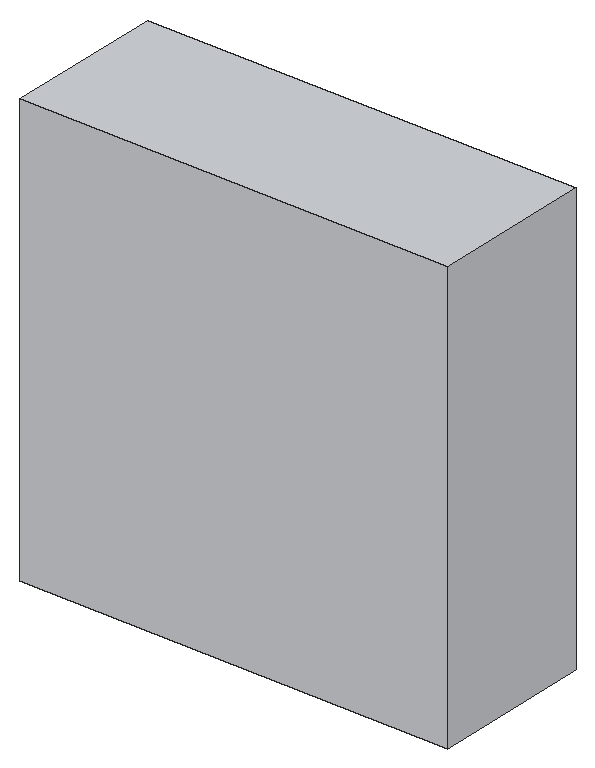
Revit family "Lighting_Fixture-Wall-Astro-Osaka", category Lighting Fixtures, host Face, Revit 2014
Parameters (values of type "7383 Osaka (White)")
  Width = 310.00 mm
  Weight = "1.3kg"
  Wattage Comments = "28w"
  Wattage = 9.2903 W
  built-in parameter 1150110 = 1 (stored number, unit not read)
  Voltage = 230 V
  URL = "www.astrolighting.co.uk"
  Type Comments = "Can be mounted on ceiling or wall. Includes integral electronic ballast."
  built-in parameter 1114217 = 1 (stored number, unit not read)
  Tilt Angle = 90.00°
  built-in parameter 1150109 = 1 (stored number, unit not read)
  built-in parameter 1150134 = 3
  built-in parameter 1150113 = 1 (stored number, unit not read)
  Suitable for bathroom zone = "Zones 2 and 3"
  Product Documentation = "http://www.astrolighting.co.uk/products/kw/0387/0387_Osaka"
  Photometric Web File = "0387 OSAKA.ies"
  Number of Poles = 1
  Mountable on normally flammable surfaces = "Yes"
  Model = "7383 Osaka (White)"
  Manufacturer = "Astro Lighting Ltd, CM20 2DP"
  built-in parameter 1150105 = 109.82 (stored number, unit not read)
  Lumens = 1380 lm
  Luminaire Lamp Efficiency Rating = "A-B"
  built-in parameter 1150115 = 1 (stored number, unit not read)
  Light Source From Wall = 60.00 mm
  built-in parameter 1150137 = (empty or 0)
  built-in parameter 1150139 = (empty or 0)
  Length = 95.00 mm
  Lamp included = "Yes"
  built-in parameter 1150112 = 1 (stored number, unit not read)
  built-in parameter 1150114 = 1 (stored number, unit not read)
  Lamp = "4 pin 2D"
  built-in parameter 1150132 = (empty or 0)
  built-in parameter 1150102 = (empty or 0)
  built-in parameter 1150107 = 3200 (stored number, unit not read)
  built-in parameter 1150138 = (empty or 0)
  built-in parameter 1150106 = 1.0982 (stored number, unit not read)
  IP Rating = "IP44"
  Height = 310.00 mm
  Energy Efficiency Rating = "A"
  Emit from Circle Diameter = 276.16 mm
  Emit Shape Visible in Rendering = no
  built-in parameter 1150104 = 13.8 (stored number, unit not read)
  Dimming Lamp Color Temperature Shift = <None>
  Dimmable = "No"
  Description = "Wall Light"
  Default Elevation [instance] = 1700.00 mm
  Color Filter = 16777215
  Class = 2
  Casing Material = Astro - Steel - White
  Manufacturer Contact = "01279 427001"
  built-in parameter 1114218 = 1 (stored number, unit not read)
  built-in parameter 1150133 = 10 (stored number, unit not read)
  Assembly Code = "D5020200"
  Apparent Load = 29.7 VA
Types (3, lengths in mm): name | Model | Casing Material
  0387 Osaka (Chrome) | "0387 Osaka Chrome" | Astro - Steel - Chrome Finish
  0906 Osaka (Matt Nickel) | "0906 Osaka Matt Nickel" | Astro - Steel - Matt Nickel
  7383 Osaka (White) | "7383 Osaka (White)" | Astro - Steel - White
Reference planes
  plane 1: y = -75
  plane 2 "Light Source Axis (L/R)": x = 125
  plane 3 "Light Source Axis (F/R)": y = 60
  plane 4 "Light Source Elevation": z = 1600
  plane 5: y = -150
  plane 6 "Center (Elevation)": z = 1600
  plane 7: z = 0
  plane 8 "Top": z = 1755
  plane 9 "Bottom": z = 1445
  plane 10 "Left": x = 280
  plane 11 "Right": x = -30
  plane 12 "Front": y = 95
  plane 13: y = 0
Forms (mm)
  Extrusion 1, solid
    sketch origin (140, -150, 1500) x (0, 0, 1) y (1, 0, 0)
      loop
        line (-103.259, -214.486) -> (300, -214.486) -> (300, 185) -> (-103.259, 185) -> (-103.259, -214.486)
    from 0 to 150
  Revolve 2, solid, material "Astro - Steel - White" <- "Casing Material"
    sketch origin (1573.638, 225, 1600) x (1, 0, 0) y (0, 1, 0)
      loop
        line (-1556.683, -221.102) -> (-1555.839, -224.25)
        arc (-1555.839, -224.25) -> (-1555.29, -224.799) -> (-1554.54, -225) r 1.5
        line (-1554.54, -225) -> (-1448.638, -225) -> (-1448.638, -223.5) -> (-1554.487, -223.5) -> (-1555.228, -220.738)
        arc (-1555.228, -220.738) -> (-1556.297, -219.124) -> (-1558.129, -218.5) r 3
        line (-1558.129, -218.5) -> (-1573.888, -218.5) -> (-1573.888, -176.5) -> (-1594.741, -176.5) -> (-1594.741, -178) -> (-1575.388, -178) -> (-1575.388, -217.5)
        arc (-1575.388, -217.5) -> (-1574.656, -219.268) -> (-1572.888, -220) r 2.5
        line (-1572.888, -220) -> (-1558.129, -220)
        arc (-1558.129, -220) -> (-1557.212, -220.313) -> (-1556.683, -221.102) r 1.5
      axis (-1448.638, -176.5) -> (-1448.638, -225)
    angle from 0 to 360
  Revolve 3, solid, material "Astro - Steel - White" <- "Casing Material"
    sketch origin (1579.79, 252.3, 1600) x (1, 0, 0) y (0, 1, 0)
      loop
        line (-1301.29, -232.3) -> (-1299.79, -232.3) -> (-1299.79, -206.19)
        arc (-1299.79, -206.19) -> (-1300.204, -204.973) -> (-1301.273, -204.258) r 2
        line (-1301.273, -204.258) -> (-1308.49, -202.3) -> (-1454.79, -202.3) -> (-1454.79, -203.8) -> (-1308.688, -203.8) -> (-1301.29, -205.782) -> (-1301.29, -232.3)
      axis (-1454.79, -202.3) -> (-1454.79, -232.3)
    angle from 0 to 360
  Revolve 4, solid, material "Astro - Polycarbonate - White"
    sketch origin (1573.638, 225, 1600) x (1, 0, 0) y (0, 1, 0)
      loop
        arc (-1326.311, -167.145) -> (-1384.717, -139.491) -> (-1448.638, -130) r 220
        line (-1448.638, -130) -> (-1448.638, -131.5)
        arc (-1448.638, -131.5) -> (-1385.128, -140.934) -> (-1327.103, -168.42) r 218.5
        arc (-1327.103, -168.42) -> (-1320.767, -171.863) -> (-1314.274, -175) r 151.5
        line (-1314.274, -175) -> (-1310.555, -175)
        arc (-1310.555, -175) -> (-1318.548, -171.304) -> (-1326.311, -167.145) r 150
      axis (-1448.638, -130) -> (-1448.638, -175)
    angle from 0 to 360
  Extrusion 5, solid, not visible
    sketch origin (-969.65, 0, 4000) x (-1, 0, 0) y (0, 0, 1)
      loop
        circle (-1166.658, -2339.578) r 8.5
    from 0 to 0.75
Text (mm)
  text "Placement side" at (-392.702, 512.661, 0), in view "Ref. Level"
  text "Placement side" at (0, 506.948, 1960.724), in view "Left"
  text "Placement side" at (0, 628.478, 3011.967), in view "Right"
Dimensions and locks
  equal spacing: plane 9 "Bottom", plane 6 "Center (Elevation)", plane 8 "Top"
  "Height": plane 9 "Bottom" to plane 8 "Top"
  equal spacing: plane 11 "Right", plane 2 "Light Source Axis (L/R)", plane 10 "Left"
  "Width": plane 11 "Right" to plane 10 "Left"
  locked: plane 1 to plane 13 at 75
  "Length": plane 12 "Front" to plane 13
  "Light Source From Wall": plane 3 "Light Source Axis (F/R)" to plane 13
  Revolve 2 sketch curve to Revolve 2 sketch curve to Revolve 2 sketch curve to Revolve 2 sketch curve to Revolve 2 sketch curve to Revolve 2 sketch curve to plane 2 "Light Source Axis (L/R)" = 19.353 mm locked, 1.50 mm locked, 1.00 mm locked, 14.759 mm locked, 3.589 mm locked, 105.902 mm locked
  plane 2 "Light Source Axis (L/R)" to Revolve 3 sketch curve to Revolve 3 sketch curve to Revolve 3 sketch curve = 146.30 mm locked, 6.70 mm locked, 0.50 mm locked
  Revolve 3 sketch curve to Revolve 3 sketch curve to Revolve 3 sketch curve to Revolve 3 sketch curve to plane 13 = 1.50 mm locked, 1.982 mm locked, 26.518 mm locked, 20.00 mm locked
  locked: plane 13 to Revolve 4 sketch curve at 125
  plane 13 to Revolve 4 sketch curve = 125.00 mm
  plane 10 "Left" to Revolve 4 sketch curve = 42.016 mm
  locked: plane 10 "Left" to Revolve 4 sketch curve at 42.016
  locked: Revolve 4 sketch curve to plane 13 at 187.938
  Revolve 4 sketch curve to plane 13 = 187.938 mm
  locked: Extrusion 5 sketch curve to plane 2 "Light Source Axis (L/R)" at 72.008
  locked: plane 6 "Center (Elevation)" to Extrusion 5 sketch curve at 60.422
  aligned and locked: Revolve 2 sketch curve to plane 2 "Light Source Axis (L/R)"
  aligned and locked: Revolve 3 sketch curve to plane 2 "Light Source Axis (L/R)"  (x2)
  aligned and locked: plane 10 "Left" to Revolve 3 sketch curve
  aligned and locked: plane 2 "Light Source Axis (L/R)" to Revolve 4 sketch curve  (x3)
  aligned and locked: Revolve 4 sketch curve to plane 2 "Light Source Axis (L/R)"
  aligned and locked: plane 4 "Light Source Elevation" to plane 6 "Center (Elevation)"
  aligned and locked: plane 2 "Light Source Axis (L/R)" to imposter light
  aligned and locked: plane 3 "Light Source Axis (F/R)" to imposter light
  aligned and locked: Extrusion 5 to plane 13
  aligned and locked: Extrusion 5 to Revolve 2
Automatic sketch dimensions
  Extrusion 1 sketch curve to Extrusion 1 sketch curve = 403.259 mm
  Extrusion 1 sketch curve to Extrusion 1 sketch curve = 399.486 mm
  Revolve 2 sketch curve to Revolve 2 sketch curve = 0.00 mm  (x2)
  Revolve 2 sketch curve to plane 2 "Light Source Axis (L/R)" = 0.00 mm
  Revolve 2 sketch curve to plane 13 = 0.00 mm
  plane 13 to Revolve 2 sketch curve = 0.75 mm
  Revolve 2 sketch curve to Revolve 2 sketch curve = 1.299 mm
  plane 13 to Revolve 2 sketch curve = 4.262 mm
  Revolve 2 sketch curve to Revolve 2 sketch curve = 0.687 mm
  plane 13 to Revolve 2 sketch curve = 1.50 mm
  Revolve 2 sketch curve to Revolve 2 sketch curve = 0.053 mm
  Revolve 2 sketch curve to Revolve 2 sketch curve = 0.762 mm
  Revolve 2 sketch curve to Revolve 2 sketch curve = 1.50 mm  (x2)
  Revolve 2 sketch curve to Revolve 2 sketch curve = 39.50 mm
  plane 13 to Revolve 2 sketch curve = 3.898 mm
  plane 5 to Revolve 2 sketch curve = 36.50 mm
  Revolve 2 sketch curve to Revolve 2 sketch curve = 40.00 mm
  Revolve 3 sketch curve to plane 2 "Light Source Axis (L/R)" = 0.00 mm
  Revolve 3 sketch curve to Revolve 3 sketch curve = 0.197 mm
  Revolve 3 sketch curve to Revolve 3 sketch curve = 0.408 mm
  plane 10 "Left" to Revolve 3 sketch curve = 1.482 mm
  Revolve 3 sketch curve to Revolve 3 sketch curve = 0.006 mm
  Revolve 3 sketch curve to plane 5 = 422.043 mm
  Revolve 3 sketch curve to Revolve 3 sketch curve = 0.023 mm
  Revolve 3 sketch curve to plane 3 "Light Source Axis (F/R)" = 140.431 mm
  Revolve 4 sketch curve to Revolve 4 sketch curve = 0.00 mm  (x3)
  Revolve 4 sketch curve to plane 12 "Front" = 0.00 mm
  plane 10 "Left" to Revolve 4 sketch curve = 20.636 mm
  Revolve 4 sketch curve to Revolve 4 sketch curve = 3.72 mm
  Revolve 4 sketch curve to plane 1 = 125.00 mm
  Revolve 4 sketch curve to Revolve 4 sketch curve = 1.50 mm
  Revolve 4 sketch curve to plane 5 = 449.343 mm
  Revolve 4 sketch curve to plane 3 "Light Source Axis (F/R)" = 113.131 mm
  radius of Extrusion 5 sketch curve = 8.50 mm
Connectors
  electrical at (197.008, 0, 1660.422), driven by "Number of Poles", driven by "Voltage", driven by "Apparent Load"
    settings: on Extrusion 5, index 1, voltage 230 V, apparent load 0 VA, apparent load phase1 29.7 VA, apparent load phase2 0 VA, apparent load phase3 0 VA, power factor 1, load classification "Other", number of poles 1, system type 31, power factor state 1, is connector primary yes, connector utility no, sub classification motor no, connector description ""
